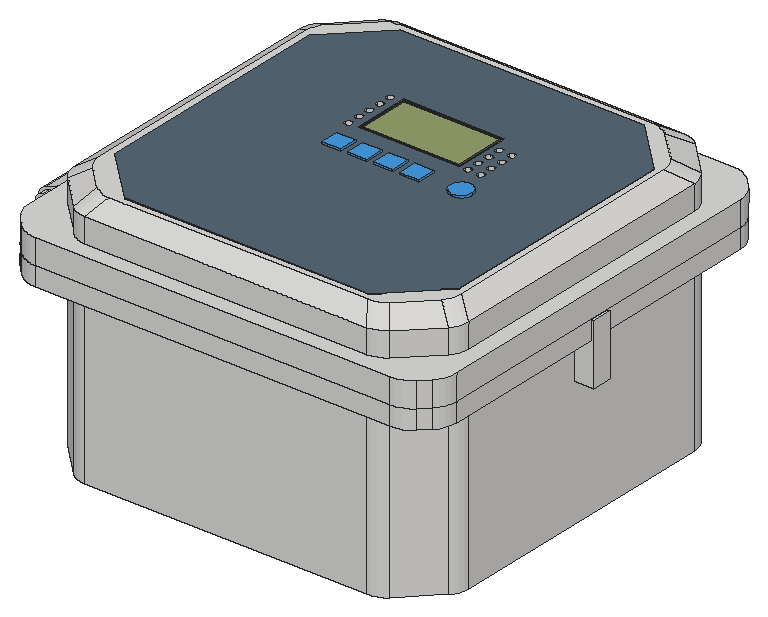
Revit family "Electrical_Controls_Conspec_Primus-V-Ventilation-Controller", category Electrical Fixtures, host Face, Revit 2022
Family settings
  Host = Face
  Round Connector Dimension = Use Diameter
  Part Type = Normal
  OmniClass Number = 23.85.30.21
  OmniClass Title = Environmental Detection/Registration
  Cut with Voids When Loaded = No
  Maintain Annotation Orientation = No
  Shared = No
  Room Calculation Point = No
Parameters (values of type "PRIMUS V - 24V DC")
  z_DC = yes
  z_120 = no
  Zoning = "Up to 12 programmable zones"  # constant formula
  Width = 9.04"  # constant formula
  Weight = 0.00 lbf
  Voltage Range = if(z_120, "120V AC", if(z_DC, "24V DC", "24V AC"))  # "24V DC"
  Voltage = 24 V
  Version = 1  # constant formula
  URL = "https://www.conspec-controls.com/"
  Software = "Conspec Subcon Windows Software"  # constant formula
  Product data url = "https://bimobject.com/conspec-controls/product/primus-v-ventilation-controller"
  Product Material = Conspec - Plastic - FR ABS - Grey
  Power Factor = 0.8
  Operating Humidity = "0% to 95% RH Non-Condesing"  # constant formula
  Operating Temperature = "-4°F to +122°F"  # constant formula
  Number of Poles = 3
  Maximum Current Consumption = 0 mA
  Alarm = "4 custom alarm levels with off-delay timer, sensor Fail-High and Fail-Low alarms"  # constant formula
  Input/Output = "3 RS485 scan ports, 6 Relay outputs (5A@ 30VDC), 2 channels 4-20mA outputs"  # constant formula
  Model = if(z_120, "PRIMUS V - 120V AC", if(z_DC, "PRIMUS V - 24V DC", "PRIMUS V - 24V AC"))  # "PRIMUS V - 24V DC"
  Manufacturer = "CONSPEC Controls"  # constant formula
  User Interface = "IR remote control, 4 local tactile buttons, 1 local horn silence button,  Built-in RS232 Port for PC connection"  # constant formula
  Keynote = "16000"
  Height = 9.04"  # constant formula
  Frequency = 0 Hz
  Description = "PRIMUS V - CO and NO2 Detector for ventilation control in enclosed parking garages and other spaces subjected to toxic gases"  # constant formula
  Depth = 5.29"  # constant formula
  Default Elevation = 0.00"
  Date Updated = "2023/10/17"  # constant formula
  Date Created = "2023/10/17"  # constant formula
  Assembly Code = "D5030"
  Apparent Load = 0 VA
Types (3): name | z_DC | z_120 | Voltage Range | Voltage | Model
  PRIMUS V - 24V DC | yes | no | "24V DC" | 24 V | "PRIMUS V - 24V DC"
  PRIMUS V - 24V AC | no | no | "24V AC" | 24 V | "PRIMUS V - 24V AC"
  PRIMUS V - 120V AC | no | yes | "120V AC" | 120 V | "PRIMUS V - 120V AC"
Reference planes (in)
  plane 1 "Center (Front/Back)": y = 0
  plane 2: z = 0
  plane 3 "Center (Left/Right)": x = 0
  plane 4: x = -4.52
  plane 5: x = 4.52
  plane 6: y = 4.52
  plane 7: y = -4.52
  plane 8: z = 5.292
  plane 9: z = 2.94644
  plane 10: z = 4
  plane 11: x = 0.74803
  plane 12: z = 2.17988
  plane 13: x = -4.16696
  plane 14: x = 4.16696
  plane 15: z = 5.03941
Forms (in)
  Extrusion 1, solid, material "Conspec - Plastic - FR ABS - Grey" <- "Product Material", detail levels coarse
    sketch origin (0, 0, 0) x (1, 0, 0) y (0, 1, 0)
      loop
        line (-4.52, 4.52) -> (-4.52, -4.52) -> (4.52, -4.52) -> (4.52, 4.52) -> (-4.52, 4.52)
    from 0.036 to 5.292
  Extrusion 2, void
    sketch origin (0, 0, 0) x (1, 0, 0) y (0, 1, 0)
      loop
        circle (-2.74582, 2.75095) r 0.15
      loop
        circle (2.74582, 2.75095) r 0.15
      loop
        circle (-2.74582, -2.75095) r 0.15
      loop
        circle (2.74582, -2.75095) r 0.15
    from 0 to 0.25
  Extrusion 3, solid, material "Conspec - Plastic - FR ABS - Grey" <- "Product Material", detail levels medium+fine
    sketch origin (0, 0, 0) x (1, 0, 0) y (0, 1, 0)
      loop
        arc (-4.16696, -2.97232) -> (-4.1289, -3.16366) -> (-4.02051, -3.32587) r 0.5
        line (-4.02051, -3.32587) -> (-3.32587, -4.02051)
        arc (-3.32587, -4.02051) -> (-3.16366, -4.1289) -> (-2.97232, -4.16696) r 0.5
        line (-2.97232, -4.16696) -> (2.97232, -4.16696)
        arc (2.97232, -4.16696) -> (3.16366, -4.1289) -> (3.32587, -4.02051) r 0.5
        line (3.32587, -4.02051) -> (4.02051, -3.32587)
        arc (4.02051, -3.32587) -> (4.1289, -3.16366) -> (4.16696, -2.97232) r 0.5
        line (4.16696, -2.97232) -> (4.16696, 2.97232)
        arc (4.16696, 2.97232) -> (4.1289, 3.16366) -> (4.02051, 3.32587) r 0.5
        line (4.02051, 3.32587) -> (3.32587, 4.02051)
        arc (3.32587, 4.02051) -> (3.16366, 4.1289) -> (2.97232, 4.16696) r 0.5
        line (2.97232, 4.16696) -> (-2.97232, 4.16696)
        arc (-2.97232, 4.16696) -> (-3.16366, 4.1289) -> (-3.32587, 4.02051) r 0.5
        line (-3.32587, 4.02051) -> (-4.02051, 3.32587)
        arc (-4.02051, 3.32587) -> (-4.1289, 3.16366) -> (-4.16696, 2.97232) r 0.5
        line (-4.16696, 2.97232) -> (-4.16696, -2.97232)
    from 0 to 4
  Extrusion 4, solid, material "Conspec - Plastic - FR ABS - Grey" <- "Product Material", detail levels medium+fine
    sketch origin (-1.81559, -180, 2.94644) x (-1, 0, 0) y (0, -1, 0)
      loop
        line (-5.55367, -184.52) -> (1.9225, -184.52)
        arc (1.9225, -184.52) -> (2.15211, -184.47433) -> (2.34676, -184.34426) r 0.6
        line (2.34676, -184.34426) -> (2.52868, -184.16235)
        arc (2.52868, -184.16235) -> (2.65874, -183.9677) -> (2.70441, -183.73809) r 0.6
        line (2.70441, -183.73809) -> (2.70441, -176.26191)
        arc (2.70441, -176.26191) -> (2.65874, -176.0323) -> (2.52868, -175.83765) r 0.6
        line (2.52868, -175.83765) -> (2.34676, -175.65574)
        arc (2.34676, -175.65574) -> (2.15211, -175.52567) -> (1.9225, -175.48) r 0.6
        line (1.9225, -175.48) -> (-5.55367, -175.48)
        arc (-5.55367, -175.48) -> (-5.78328, -175.52567) -> (-5.97794, -175.65574) r 0.6
        line (-5.97794, -175.65574) -> (-6.15985, -175.83765)
        arc (-6.15985, -175.83765) -> (-6.28991, -176.0323) -> (-6.33559, -176.26191) r 0.6
        line (-6.33559, -176.26191) -> (-6.33559, -183.73809)
        arc (-6.33559, -183.73809) -> (-6.28991, -183.9677) -> (-6.15985, -184.16235) r 0.6
        line (-6.15985, -184.16235) -> (-5.97794, -184.34426)
        arc (-5.97794, -184.34426) -> (-5.78328, -184.47433) -> (-5.55367, -184.52) r 0.6
    from 1.05356 to 1.58356
  Extrusion 5, solid, material "Conspec - Plastic - FR ABS - Grey" <- "Product Material", detail levels medium
    sketch origin (-1.81559, -180, 2.94644) x (-1, 0, 0) y (0, -1, 0)
      loop
        line (2.35137, -182.97232) -> (2.35137, -177.02768)
        arc (2.35137, -177.02768) -> (2.31331, -176.83634) -> (2.20493, -176.67413) r 0.5
        line (2.20493, -176.67413) -> (1.51029, -175.97949)
        arc (1.51029, -175.97949) -> (1.34808, -175.8711) -> (1.15673, -175.83304) r 0.5
        line (1.15673, -175.83304) -> (-4.78791, -175.83304)
        arc (-4.78791, -175.83304) -> (-4.97925, -175.8711) -> (-5.14146, -175.97949) r 0.5
        line (-5.14146, -175.97949) -> (-5.8361, -176.67413)
        arc (-5.8361, -176.67413) -> (-5.94449, -176.83634) -> (-5.98255, -177.02768) r 0.5
        line (-5.98255, -177.02768) -> (-5.98255, -182.97232)
        arc (-5.98255, -182.97232) -> (-5.94449, -183.16366) -> (-5.8361, -183.32587) r 0.5
        line (-5.8361, -183.32587) -> (-5.14146, -184.02051)
        arc (-5.14146, -184.02051) -> (-4.97925, -184.1289) -> (-4.78791, -184.16696) r 0.5
        line (-4.78791, -184.16696) -> (1.15673, -184.16696)
        arc (1.15673, -184.16696) -> (1.34808, -184.1289) -> (1.51029, -184.02051) r 0.5
        line (1.51029, -184.02051) -> (2.20493, -183.32587)
        arc (2.20493, -183.32587) -> (2.31331, -183.16366) -> (2.35137, -182.97232) r 0.5
    from 1.58356 to 2.34556
  Extrusion 6, solid, material "Conspec - Plastic - FR ABS - Grey" <- "Product Material", detail levels medium+fine
    sketch origin (-1.81559, -180, 2.94644) x (-1, 0, 0) y (0, -1, 0)
      loop
        arc (1.9225, -184.52) -> (2.15211, -184.47433) -> (2.34676, -184.34426) r 0.6
        line (2.34676, -184.34426) -> (2.52868, -184.16235)
        arc (2.52868, -184.16235) -> (2.65874, -183.9677) -> (2.70441, -183.73809) r 0.6
        line (2.70441, -183.73809) -> (2.70441, -176.26191)
        arc (2.70441, -176.26191) -> (2.65874, -176.0323) -> (2.52868, -175.83765) r 0.6
        line (2.52868, -175.83765) -> (2.34676, -175.65574)
        arc (2.34676, -175.65574) -> (2.15211, -175.52567) -> (1.9225, -175.48) r 0.6
        line (1.9225, -175.48) -> (-5.55367, -175.48)
        arc (-5.55367, -175.48) -> (-5.78328, -175.52567) -> (-5.97794, -175.65574) r 0.6
        line (-5.97794, -175.65574) -> (-6.15985, -175.83765)
        arc (-6.15985, -175.83765) -> (-6.28991, -176.0323) -> (-6.33559, -176.26191) r 0.6
        line (-6.33559, -176.26191) -> (-6.33559, -183.73809)
        arc (-6.33559, -183.73809) -> (-6.28991, -183.9677) -> (-6.15985, -184.16235) r 0.6
        line (-6.15985, -184.16235) -> (-5.97794, -184.34426)
        arc (-5.97794, -184.34426) -> (-5.78328, -184.47433) -> (-5.55367, -184.52) r 0.6
        line (-5.55367, -184.52) -> (1.9225, -184.52)
    from 1.05356 to 0.65356
  Extrusion 7, solid, material "Conspec - Plastic - FR ABS - Grey" <- "Product Material", detail levels fine
    sketch origin (-8.18718, -180, 5.292) x (-1, 0, 0) y (0, -1, 0)
      loop
        line (-4.56066, -182.56487) -> (-4.56066, -177.43513) -> (-5.62231, -176.37348) -> (-10.75204, -176.37348) -> (-11.8137, -177.43513) -> (-11.8137, -182.56487) -> (-10.75204, -183.62652) -> (-5.62231, -183.62652) -> (-4.56066, -182.56487)
    from -0.04 to 0.01
  Extrusion 8, void
    sketch origin (-8.18718, -180, 5.292) x (-1, 0, 0) y (0, -1, 0)
      loop
        line (-7.12419, -181.83071) -> (-7.12419, -180.64961) -> (-9.25017, -180.64961) -> (-9.25017, -181.83071) -> (-7.12419, -181.83071)
    from 0.05 to -0.1
  Extrusion 9, void
    sketch origin (-8.18718, -180, 5.292) x (-1, 0, 0) y (0, -1, 0)
      loop
        circle (-6.9304, -181.45534) r 0.075
      loop
        circle (-6.9304, -181.72723) r 0.075
      loop
        circle (-6.9304, -181.18283) r 0.075
      loop
        circle (-6.9304, -180.90939) r 0.075
      loop
        circle (-6.9304, -180.63281) r 0.075
      loop
        circle (-9.44396, -181.45534) r 0.075
      loop
        circle (-9.44396, -181.18283) r 0.075
      loop
        circle (-9.44396, -180.90939) r 0.075
      loop
        circle (-9.44396, -180.63281) r 0.075
      loop
        circle (-9.72051, -181.45534) r 0.075
      loop
        circle (-9.72051, -181.18283) r 0.075
      loop
        circle (-9.72051, -180.90939) r 0.075
      loop
        circle (-9.72051, -180.63281) r 0.075
    from -0.16355 to 0.24879
  Extrusion 10, solid, material "Conspec - Plastic - Green Transparent - Screen", detail levels fine
    sketch origin (-8.18718, -180, 5.292) x (-1, 0, 0) y (0, -1, 0)
      loop
        line (-9.25017, -181.83071) -> (-7.12419, -181.83071) -> (-7.12419, -180.64961) -> (-9.25017, -180.64961) -> (-9.25017, -181.83071)
    from 0 to -0.1
  Extrusion 11, solid, material "Conspec - Plastic - PC - Black", detail levels fine
    sketch origin (-8.18718, -180, 5.292) x (-1, 0, 0) y (0, -1, 0)
      loop
        line (-9.25017, -181.83071) -> (-7.12419, -181.83071) -> (-7.12419, -180.64961) -> (-9.25017, -180.64961) -> (-9.25017, -181.83071)
      loop
        line (-9.21017, -181.79071) -> (-7.16419, -181.79071) -> (-7.16419, -180.68961) -> (-9.21017, -180.68961) -> (-9.21017, -181.79071)
    from -0.1 to 0.01
  Extrusion 12, solid, material "Conspec - Plastic - FR ABS - Grey" <- "Product Material", detail levels coarse
    sketch origin (-17.88402, 4.52, 48) x (-1, 0, 0) y (0, 0, 1)
      loop
        circle (-18.63205, -45.82012) r 1.09528
    from 0 to 2.11605
  Extrusion 13, solid, material "Conspec - Plastic - FR ABS - Grey" <- "Product Material", detail levels fine
    sketch origin (-8.18718, -180, 5.292) x (-1, 0, 0) y (0, -1, 0)
      loop
        arc (-4.16667, -183.32587) -> (-4.05828, -183.16366) -> (-4.02022, -182.97232) r 0.5
        line (-4.02022, -182.97232) -> (-4.02022, -177.02768)
        arc (-4.02022, -177.02768) -> (-4.05828, -176.83634) -> (-4.16667, -176.67413) r 0.5
        line (-4.16667, -176.67413) -> (-4.8613, -175.97949)
        arc (-4.8613, -175.97949) -> (-5.02352, -175.8711) -> (-5.21486, -175.83304) r 0.5
        line (-5.21486, -175.83304) -> (-11.1595, -175.83304)
        arc (-11.1595, -175.83304) -> (-11.35084, -175.8711) -> (-11.51305, -175.97949) r 0.5
        line (-11.51305, -175.97949) -> (-12.20769, -176.67413)
        arc (-12.20769, -176.67413) -> (-12.31608, -176.83634) -> (-12.35414, -177.02768) r 0.5
        line (-12.35414, -177.02768) -> (-12.35414, -182.97232)
        arc (-12.35414, -182.97232) -> (-12.31608, -183.16366) -> (-12.20769, -183.32587) r 0.5
        line (-12.20769, -183.32587) -> (-11.51305, -184.02051)
        arc (-11.51305, -184.02051) -> (-11.35084, -184.1289) -> (-11.1595, -184.16696) r 0.5
        line (-11.1595, -184.16696) -> (-5.21486, -184.16696)
        arc (-5.21486, -184.16696) -> (-5.02352, -184.1289) -> (-4.8613, -184.02051) r 0.5
        line (-4.8613, -184.02051) -> (-4.16667, -183.32587)
    from -0.762 to -0.25259
  Blend 14, solid, material "Conspec - Plastic - FR ABS - Grey" <- "Product Material", detail levels fine
    base sketch origin (-5.75008, -180, 5.03941) x (-1, 0, 0) y (0, -1, 0)
      loop
        arc (-1.72957, -183.32587) -> (-1.62118, -183.16366) -> (-1.58312, -182.97232) r 0.5
        line (-1.58312, -182.97232) -> (-1.58312, -177.02768)
        arc (-1.58312, -177.02768) -> (-1.62118, -176.83634) -> (-1.72957, -176.67413) r 0.5
        line (-1.72957, -176.67413) -> (-2.42421, -175.97949)
        arc (-2.42421, -175.97949) -> (-2.58642, -175.8711) -> (-2.77776, -175.83304) r 0.5
        line (-2.77776, -175.83304) -> (-8.7224, -175.83304)
        arc (-8.7224, -175.83304) -> (-8.91374, -175.8711) -> (-9.07595, -175.97949) r 0.5
        line (-9.07595, -175.97949) -> (-9.77059, -176.67413)
        arc (-9.77059, -176.67413) -> (-9.87898, -176.83634) -> (-9.91704, -177.02768) r 0.5
        line (-9.91704, -177.02768) -> (-9.91704, -182.97232)
        arc (-9.91704, -182.97232) -> (-9.87898, -183.16366) -> (-9.77059, -183.32587) r 0.5
        line (-9.77059, -183.32587) -> (-9.07595, -184.02051)
        arc (-9.07595, -184.02051) -> (-8.91374, -184.1289) -> (-8.7224, -184.16696) r 0.5
        line (-8.7224, -184.16696) -> (-2.77776, -184.16696)
        arc (-2.77776, -184.16696) -> (-2.58642, -184.1289) -> (-2.42421, -184.02051) r 0.5
        line (-2.42421, -184.02051) -> (-1.72957, -183.32587)
    top sketch origin (-5.75008, -180, 5.03941) x (-1, 0, 0) y (0, -1, 0)
      loop
        line (-2.73131, -183.62051) -> (-2.12957, -183.01877)
        arc (-2.12957, -183.01877) -> (-2.02118, -182.85655) -> (-1.98312, -182.66521) r 0.5
        line (-1.98312, -182.66521) -> (-1.98312, -177.19337)
        arc (-1.98312, -177.19337) -> (-2.02118, -177.00202) -> (-2.12957, -176.83981) r 0.5
        line (-2.12957, -176.83981) -> (-2.58989, -176.37949)
        arc (-2.58989, -176.37949) -> (-2.7521, -176.2711) -> (-2.94345, -176.23304) r 0.5
        line (-2.94345, -176.23304) -> (-8.41529, -176.23304)
        arc (-8.41529, -176.23304) -> (-8.60664, -176.2711) -> (-8.76885, -176.37949) r 0.5
        line (-8.76885, -176.37949) -> (-9.37059, -176.98123)
        arc (-9.37059, -176.98123) -> (-9.47898, -177.14345) -> (-9.51704, -177.33479) r 0.5
        line (-9.51704, -177.33479) -> (-9.51704, -182.66521)
        arc (-9.51704, -182.66521) -> (-9.47898, -182.85655) -> (-9.37059, -183.01877) r 0.5
        line (-9.37059, -183.01877) -> (-8.76885, -183.62051)
        arc (-8.76885, -183.62051) -> (-8.60664, -183.7289) -> (-8.41529, -183.76696) r 0.5
        line (-8.41529, -183.76696) -> (-3.08487, -183.76696)
        arc (-3.08487, -183.76696) -> (-2.89353, -183.7289) -> (-2.73131, -183.62051) r 0.5
    from 0 to 0.25259
  Extrusion 15, solid, material "Conspec - Plastic - FR ABS - Grey" <- "Product Material", detail levels medium+fine
    sketch origin (-17.88402, 4.52, 48) x (-1, 0, 0) y (0, 0, 1)
      loop
        line (-17.84465, -44.87127) -> (-18.2378, -44.87127)
        arc (-18.2378, -44.87127) -> (-18.63205, -44.79299) -> (-19.0263, -44.87127) r 1.03199
        line (-19.0263, -44.87127) -> (-19.41945, -44.87127)
        arc (-19.41945, -44.87127) -> (-19.53275, -44.9182) -> (-19.57968, -45.0315) r 0.16023
        line (-19.57968, -45.0315) -> (-19.57968, -45.42465)
        arc (-19.57968, -45.42465) -> (-19.66159, -45.82012) -> (-19.57968, -46.21558) r 0.9956
        line (-19.57968, -46.21558) -> (-19.57968, -46.60874)
        arc (-19.57968, -46.60874) -> (-19.53275, -46.72204) -> (-19.41945, -46.76897) r 0.16023
        line (-19.41945, -46.76897) -> (-19.0263, -46.76897)
        arc (-19.0263, -46.76897) -> (-18.63205, -46.84724) -> (-18.2378, -46.76897) r 1.03199
        line (-18.2378, -46.76897) -> (-17.84465, -46.76897)
        arc (-17.84465, -46.76897) -> (-17.73135, -46.72204) -> (-17.68442, -46.60874) r 0.16023
        line (-17.68442, -46.60874) -> (-17.68442, -46.21558)
        arc (-17.68442, -46.21558) -> (-17.6025, -45.82012) -> (-17.68442, -45.42465) r 0.9956
        line (-17.68442, -45.42465) -> (-17.68442, -45.0315)
        arc (-17.68442, -45.0315) -> (-17.73135, -44.9182) -> (-17.84465, -44.87127) r 0.16023
    from 0 to -0.35307
  Revolve 16, solid, material "Conspec - Plastic - FR ABS - Grey" <- "Product Material", detail levels medium+fine
    sketch origin (0.74803, 7.01492, 48) x (0, -1, 0) y (0, 0, 1)
      loop
        line (1.28626, -44.96416) -> (1.28626, -44.89764) -> (0.9024, -44.89764) -> (0.9024, -44.93855) -> (0.62681, -44.93855) -> (0.62681, -44.89764) -> (0.49886, -44.89764) -> (0.49886, -44.72047)
        arc (0.49886, -44.72047) -> (0.41115, -44.87686) -> (0.38075, -45.05356) r 0.52873
        line (0.38075, -45.05356) -> (0.38075, -45.82012) -> (2.49492, -45.82012) -> (2.49492, -44.96416) -> (1.28626, -44.96416)
      axis (2.49492, -45.82012) -> (0.38075, -45.82012)
    angle from 0 to 360
  Extrusion 17, solid, material "Conspec - Plastic - FR ABS - Grey" <- "Product Material", detail levels fine
    sketch origin (0, 0, 0) x (1, 0, 0) y (0, 0, 1)
      loop
        line (4.16696, 2.72) -> (4.58665, 2.72) -> (4.58665, 4) -> (4.16696, 4) -> (4.16696, 2.72)
    from -0.21587 to 0.21868
  Extrusion 18, solid, material "Conspec - Plastic - FR ABS - Grey" <- "Product Material", detail levels fine
    sketch origin (0, 0, 0) x (1, 0, 0) y (0, 0, 1)
      loop
        line (-4.16696, 3.09944) -> (-4.16696, 3.6) -> (-4.52, 3.6) -> (-4.52, 4) -> (-4.75559, 4) -> (-4.75559, 4.07108)
        arc (-4.75559, 4.07108) -> (-4.79335, 4.16224) -> (-4.88451, 4.2) r 0.12892
        line (-4.88451, 4.2) -> (-4.93062, 4.2)
        arc (-4.93062, 4.2) -> (-5.04504, 4.15025) -> (-5.08669, 4.03263) r 0.15645
        line (-5.08669, 4.03263) -> (-5.06543, 3.72856) -> (-4.16696, 3.09944)
    from 2.6514 to 2.8314
  Extrusion 19, solid, material "Conspec - Plastic - FR ABS - Grey" <- "Product Material", detail levels fine
    sketch origin (0, 1.12946, 0) x (1, 0, 0) y (0, 0, 1)
      loop
        line (-4.16696, 3.09944) -> (-4.16696, 3.6) -> (-4.52, 3.6) -> (-4.52, 4) -> (-4.75559, 4) -> (-4.75559, 4.07108)
        arc (-4.75559, 4.07108) -> (-4.79335, 4.16224) -> (-4.88451, 4.2) r 0.12892
        line (-4.88451, 4.2) -> (-4.93062, 4.2)
        arc (-4.93062, 4.2) -> (-5.04504, 4.15025) -> (-5.08669, 4.03263) r 0.15645
        line (-5.08669, 4.03263) -> (-5.06543, 3.72856) -> (-4.16696, 3.09944)
    from 2.6514 to 2.8314
  Extrusion 20, solid, material "Conspec - Plastic - FR ABS - Grey" <- "Product Material", detail levels fine
    sketch origin (0, 0, 0) x (1, 0, 0) y (0, 0, 1)
      loop
        line (-4.52, 4.43597) -> (-5.02001, 4.23138)
        arc (-5.02001, 4.23138) -> (-5.06467, 3.79243) -> (-4.67533, 4) r 0.25
        line (-4.67533, 4) -> (-4.52, 4) -> (-4.52, 4.43597)
    from 1.70194 to 2.6514
  Extrusion 21, solid, material "Conspec - Plastic - FR ABS - Grey" <- "Product Material", detail levels fine
    sketch origin (0, 1.45071, 0) x (1, 0, 0) y (0, 0, 1)
      loop
        line (-4.16696, 3.09944) -> (-4.16696, 3.6) -> (-4.52, 3.6) -> (-4.52, 4) -> (-4.75559, 4) -> (-4.75559, 4.07108)
        arc (-4.75559, 4.07108) -> (-4.79335, 4.16224) -> (-4.88451, 4.2) r 0.12892
        line (-4.88451, 4.2) -> (-4.93062, 4.2)
        arc (-4.93062, 4.2) -> (-5.04504, 4.15025) -> (-5.08669, 4.03263) r 0.15645
        line (-5.08669, 4.03263) -> (-5.06543, 3.72856) -> (-4.16696, 3.09944)
    from 2.6514 to 2.8314
  Extrusion 22, solid, material "Conspec - Plastic - FR ABS - Grey" <- "Product Material", detail levels fine
    sketch origin (0, 2.58018, 0) x (1, 0, 0) y (0, 0, 1)
      loop
        line (-4.16696, 3.09944) -> (-4.16696, 3.6) -> (-4.52, 3.6) -> (-4.52, 4) -> (-4.75559, 4) -> (-4.75559, 4.07108)
        arc (-4.75559, 4.07108) -> (-4.79335, 4.16224) -> (-4.88451, 4.2) r 0.12892
        line (-4.88451, 4.2) -> (-4.93062, 4.2)
        arc (-4.93062, 4.2) -> (-5.04504, 4.15025) -> (-5.08669, 4.03263) r 0.15645
        line (-5.08669, 4.03263) -> (-5.06543, 3.72856) -> (-4.16696, 3.09944)
    from 2.6514 to 2.8314
  Extrusion 23, solid, material "Conspec - Plastic - FR ABS - Grey" <- "Product Material", detail levels fine
    sketch origin (0, 1.45071, 0) x (1, 0, 0) y (0, 0, 1)
      loop
        line (-4.52, 4.43597) -> (-5.02001, 4.23138)
        arc (-5.02001, 4.23138) -> (-5.06467, 3.79243) -> (-4.67533, 4) r 0.25
        line (-4.67533, 4) -> (-4.52, 4) -> (-4.52, 4.43597)
    from 1.70194 to 2.6514
  Extrusion 24, solid, material "Conspec - Plastic - FR ABS - Grey" <- "Product Material", detail levels fine
    sketch origin (0, 0, 0) x (1, 0, 0) y (0, 0, -1)
      loop
        line (-4.16696, -3.09944) -> (-5.06543, -3.72856) -> (-5.08669, -4.03263)
        arc (-5.08669, -4.03263) -> (-5.04504, -4.15025) -> (-4.93062, -4.2) r 0.15645
        line (-4.93062, -4.2) -> (-4.88451, -4.2)
        arc (-4.88451, -4.2) -> (-4.79335, -4.16224) -> (-4.75559, -4.07108) r 0.12892
        line (-4.75559, -4.07108) -> (-4.75559, -4) -> (-4.52, -4) -> (-4.52, -3.6) -> (-4.16696, -3.6) -> (-4.16696, -3.09944)
    from 2.6514 to 2.8314
  Extrusion 25, solid, material "Conspec - Plastic - FR ABS - Grey" <- "Product Material", detail levels fine
    sketch origin (0, -1.12946, 0) x (1, 0, 0) y (0, 0, -1)
      loop
        line (-4.16696, -3.09944) -> (-5.06543, -3.72856) -> (-5.08669, -4.03263)
        arc (-5.08669, -4.03263) -> (-5.04504, -4.15025) -> (-4.93062, -4.2) r 0.15645
        line (-4.93062, -4.2) -> (-4.88451, -4.2)
        arc (-4.88451, -4.2) -> (-4.79335, -4.16224) -> (-4.75559, -4.07108) r 0.12892
        line (-4.75559, -4.07108) -> (-4.75559, -4) -> (-4.52, -4) -> (-4.52, -3.6) -> (-4.16696, -3.6) -> (-4.16696, -3.09944)
    from 2.6514 to 2.8314
  Extrusion 26, solid, material "Conspec - Plastic - FR ABS - Grey" <- "Product Material", detail levels fine
    sketch origin (0, 0, 0) x (1, 0, 0) y (0, 0, -1)
      loop
        line (-4.52, -4.43597) -> (-4.52, -4) -> (-4.67533, -4)
        arc (-4.67533, -4) -> (-5.06467, -3.79243) -> (-5.02001, -4.23138) r 0.25
        line (-5.02001, -4.23138) -> (-4.52, -4.43597)
    from 1.70194 to 2.6514
  Extrusion 27, solid, material "Conspec - Plastic - FR ABS - Grey" <- "Product Material", detail levels fine
    sketch origin (0, -1.45071, 0) x (1, 0, 0) y (0, 0, -1)
      loop
        line (-4.16696, -3.09944) -> (-5.06543, -3.72856) -> (-5.08669, -4.03263)
        arc (-5.08669, -4.03263) -> (-5.04504, -4.15025) -> (-4.93062, -4.2) r 0.15645
        line (-4.93062, -4.2) -> (-4.88451, -4.2)
        arc (-4.88451, -4.2) -> (-4.79335, -4.16224) -> (-4.75559, -4.07108) r 0.12892
        line (-4.75559, -4.07108) -> (-4.75559, -4) -> (-4.52, -4) -> (-4.52, -3.6) -> (-4.16696, -3.6) -> (-4.16696, -3.09944)
    from 2.6514 to 2.8314
  Extrusion 28, solid, material "Conspec - Plastic - FR ABS - Grey" <- "Product Material", detail levels fine
    sketch origin (0, -2.58018, 0) x (1, 0, 0) y (0, 0, -1)
      loop
        line (-4.16696, -3.09944) -> (-5.06543, -3.72856) -> (-5.08669, -4.03263)
        arc (-5.08669, -4.03263) -> (-5.04504, -4.15025) -> (-4.93062, -4.2) r 0.15645
        line (-4.93062, -4.2) -> (-4.88451, -4.2)
        arc (-4.88451, -4.2) -> (-4.79335, -4.16224) -> (-4.75559, -4.07108) r 0.12892
        line (-4.75559, -4.07108) -> (-4.75559, -4) -> (-4.52, -4) -> (-4.52, -3.6) -> (-4.16696, -3.6) -> (-4.16696, -3.09944)
    from 2.6514 to 2.8314
  Extrusion 29, solid, material "Conspec - Plastic - FR ABS - Grey" <- "Product Material", detail levels fine
    sketch origin (0, -1.45071, 0) x (1, 0, 0) y (0, 0, -1)
      loop
        line (-4.52, -4.43597) -> (-4.52, -4) -> (-4.67533, -4)
        arc (-4.67533, -4) -> (-5.06467, -3.79243) -> (-5.02001, -4.23138) r 0.25
        line (-5.02001, -4.23138) -> (-4.52, -4.43597)
    from 1.70194 to 2.6514
  Extrusion 30, solid, material "Conspec - Plastic - PC - Light Blue", detail levels medium+fine
    sketch origin (-8.18718, -180, 5.292) x (-1, 0, 0) y (0, -1, 0)
      loop
        circle (-9.7863, -180.02913) r 0.23044
      loop
        line (-6.99999, -180.23195) -> (-6.99999, -179.83194) -> (-7.39751, -179.83194) -> (-7.39751, -180.23195) -> (-6.99999, -180.23195)
      loop
        line (-7.54588, -180.23195) -> (-7.54588, -179.83194) -> (-7.94339, -179.83194) -> (-7.94339, -180.23195) -> (-7.54588, -180.23195)
      loop
        line (-8.09661, -180.23195) -> (-8.09661, -179.83194) -> (-8.49413, -179.83194) -> (-8.49413, -180.23195) -> (-8.09661, -180.23195)
      loop
        line (-8.64733, -180.23195) -> (-8.64733, -179.83194) -> (-9.04485, -179.83194) -> (-9.04485, -180.23195) -> (-8.64733, -180.23195)
    from 0 to 0.04
  Extrusion 31, solid, material "Conspec - Plastic - FR ABS - Grey" <- "Product Material", detail levels medium
    sketch origin (-8.18718, -180, 5.292) x (-1, 0, 0) y (0, -1, 0)
      loop
        line (-4.56066, -182.56487) -> (-4.56066, -177.43513) -> (-5.62231, -176.37348) -> (-10.75204, -176.37348) -> (-11.8137, -177.43513) -> (-11.8137, -182.56487) -> (-10.75204, -183.62652) -> (-5.62231, -183.62652) -> (-4.56066, -182.56487)
    from -0.04 to 0.01
Cuts and joins
  Extrusion 2 cuts Extrusion 3
  joined: Extrusion 3, Extrusion 6
  Extrusion 8 cuts Extrusion 5
  Extrusion 8 cuts Extrusion 31
  joined: Extrusion 5, Extrusion 31
  joined: Extrusion 1, Extrusion 12
  Extrusion 8, Extrusion 9 cuts Extrusion 7
  Extrusion 8 cuts Extrusion 13
  Extrusion 8, Extrusion 9 cuts Blend 14
  joined: Extrusion 7, Extrusion 13, Blend 14
  joined: Extrusion 15, Revolve 16
Lines and regions (in)
  Masking region 1, detail levels coarse
    outline origin (-18.83238, -4.52, 48) x (-1, 0, 0) y (0, 0, 1)
      loop
        line (-14.31238, -42.708) -> (-23.35238, -42.708) -> (-23.35238, -48) -> (-14.31238, -48) -> (-14.31238, -42.708)
  Masking region 2, detail levels medium+fine
    outline origin (0, 0, 0) x (1, 0, 0) y (0, 0, 1)
      loop
        line (-4.16696, 3.6) -> (-4.16696, 0) -> (4.16696, 0) -> (4.16696, 3.6) -> (-4.16696, 3.6)
      loop
        line (-4.52, 4.53) -> (-4.52, 4) -> (4.52, 4) -> (4.52, 4.53) -> (-4.52, 4.53)
  Masking region 3, detail levels medium+fine
    outline origin (0, 0, 0) x (1, 0, 0) y (0, 0, 1)
      loop
        line (-4.52, 4) -> (-4.52, 3.6) -> (4.52, 3.6) -> (4.52, 4) -> (-4.52, 4)
  Masking region 4, detail levels medium
    outline origin (0, 0, 0) x (1, 0, 0) y (0, 0, 1)
      loop
        line (-4.16696, 5.292) -> (-4.16696, 4.53) -> (4.16696, 4.53) -> (4.16696, 5.292) -> (-4.16696, 5.292)
  Masking region 5, detail levels fine
    outline origin (0, 0, 0) x (1, 0, 0) y (0, 0, 1)
      loop
        line (-4.16696, 4.53) -> (4.16696, 4.53) -> (4.16696, 5.03941) -> (3.76696, 5.292) -> (-3.76696, 5.292) -> (-4.16696, 5.03941) -> (-4.16696, 4.53)
      loop
        line (4.52, 4) -> (4.52, 3.6) -> (4.16696, 3.6) -> (4.16696, 2.72) -> (4.58665, 2.72) -> (4.58665, 4) -> (4.52, 4)
      loop
        line (-4.16696, 3.09944) -> (-4.16696, 3.6) -> (-4.52, 3.6) -> (-4.52, 4.43597) -> (-5.02001, 4.23138)
        arc (-5.02001, 4.23138) -> (-5.174, 4.02576) -> (-5.06543, 3.79294) r 0.25
        line (-5.06543, 3.79294) -> (-5.06543, 3.72856) -> (-4.16696, 3.09944)
      loop
        circle (0.74803, 2.17988) r 1.09964
Dimensions and locks (in)
  equal spacing: plane 4, plane 3 "Center (Left/Right)", plane 5
  equal spacing: plane 6, plane 1 "Center (Front/Back)", plane 7
  locked: plane 4 to plane 5 at 9.04
  locked: plane 6 to plane 7 at 9.04
  locked: plane 8 to plane 2 at 5.292
  locked: plane 8 to plane 10 at 1.292
  locked: plane 3 "Center (Left/Right)" to plane 11 at 0.74803
  locked: plane 9 to plane 12 at 0.76656
  locked: plane 13 to plane 4 at 0.35304
  locked: plane 5 to plane 14 at 0.35304
  locked: plane 8 to plane 15 at 0.25259
  aligned and locked: plane 2 to host face
  aligned and locked: level to host face
  aligned and locked: Extrusion 1 sketch curve to plane 6
  aligned and locked: Extrusion 1 sketch curve to plane 4
  aligned and locked: Extrusion 1 sketch curve to plane 5
  aligned and locked: Extrusion 1 sketch curve to plane 7
  aligned and locked: plane 8 to Extrusion 1
  aligned and locked: Extrusion 10 sketch curve to cut or joined group of Extrusion 5, Extrusion 8, Extrusion 31  (x4)
  aligned and locked: Extrusion 11 sketch curve to Extrusion 10  (x4)
  aligned and locked: plane 8 to Masking region 1 sketch curve
  aligned and locked: plane 4 to Masking region 1 sketch curve
  aligned and locked: plane 5 to Masking region 1 sketch curve
  aligned and locked: plane 2 to Masking region 1 sketch curve
  aligned and locked: cut or joined group of Extrusion 2, Extrusion 3, Extrusion 6 to plane 10  (x2)
  aligned and locked: cut or joined group of Extrusion 2, Extrusion 3, Extrusion 6 to plane 2
  aligned and locked: plane 8 to cut or joined group of Extrusion 5, Extrusion 8, Extrusion 31
  aligned and locked: plane 10 to Extrusion 4
  aligned and locked: cut or joined group of Extrusion 5, Extrusion 8, Extrusion 31 to Extrusion 4
  aligned and locked: Extrusion 13 to Extrusion 4
  aligned and locked: plane 15 to Extrusion 13
  aligned and locked: plane 8 to Blend 14
  aligned and locked: Revolve 16 sketch curve to plane 6
  aligned and locked: Revolve 16 sketch curve to plane 12
  aligned and locked: plane 14 to Extrusion 17 sketch curve
  aligned and locked: plane 13 to Extrusion 18 sketch curve
  aligned and locked: plane 4 to Masking region 2 sketch curve
  aligned and locked: Masking region 2 sketch curve to plane 5
  aligned and locked: plane 2 to Masking region 2 sketch curve
  aligned and locked: cut or joined group of Extrusion 2, Extrusion 3, Extrusion 6 to Masking region 2 sketch curve
  aligned and locked: plane 4 to Masking region 3 sketch curve
  aligned and locked: Masking region 3 sketch curve to plane 5
  aligned and locked: Masking region 4 sketch curve to plane 13
  aligned and locked: Masking region 4 sketch curve to plane 14
  aligned and locked: Masking region 4 sketch curve to plane 8
  aligned and locked: Extrusion 4 to Masking region 4 sketch curve
  aligned and locked: plane 13 to Masking region 5 sketch curve
  aligned and locked: plane 8 to Masking region 5 sketch curve
  aligned and locked: Masking region 5 sketch curve to Extrusion 4
  aligned and locked: plane 14 to Masking region 5 sketch curve
  aligned and locked: cut or joined group of Extrusion 2, Extrusion 3, Extrusion 6 to Masking region 5 sketch curve
  aligned and locked: Masking region 5 sketch curve to Extrusion 17
  aligned and locked: plane 10 to Masking region 5 sketch curve
  aligned and locked: plane 5 to Masking region 5 sketch curve
Automatic sketch dimensions
  host sketch curve to host sketch curve = 96.00"  (x2)
  Extrusion 3 sketch curve to plane 13 = 0.00"
  Extrusion 3 sketch curve to plane 14 = 0.00"
  Extrusion 3 sketch curve to plane 13 = 0.14645"  (x2)
  Extrusion 3 sketch curve to Extrusion 3 sketch curve = 0.35355"  (x7)
  Extrusion 3 sketch curve to plane 13 = 0.84109"  (x2)
  Extrusion 3 sketch curve to plane 6 = 0.49949"  (x2)
  Extrusion 3 sketch curve to plane 14 = 1.19464"  (x2)
  plane 7 to Extrusion 3 sketch curve = 0.85304"  (x2)
  Extrusion 3 sketch curve to plane 14 = 0.50"  (x2)
  Extrusion 3 sketch curve to plane 14 = 0.14645"  (x2)
  plane 7 to Extrusion 3 sketch curve = 0.49949"
  Extrusion 3 sketch curve to Extrusion 3 sketch curve = 0.69464"  (x2)
  Extrusion 3 sketch curve to Extrusion 3 sketch curve = 1.04819"  (x2)
  Extrusion 4 sketch curve to plane 5 = 0.00"
  Extrusion 4 sketch curve to plane 6 = 0.00"
  Extrusion 4 sketch curve to plane 7 = 0.00"
  Extrusion 4 sketch curve to plane 4 = 0.00"
  Extrusion 4 sketch curve to plane 5 = 0.17574"  (x2)
  Extrusion 4 sketch curve to plane 14 = 0.00461"  (x2)
  Extrusion 4 sketch curve to plane 14 = 0.24696"  (x2)
  Extrusion 4 sketch curve to plane 14 = 0.42887"
  Extrusion 4 sketch curve to Extrusion 4 sketch curve = 0.18191"  (x5)
  Extrusion 4 sketch curve to plane 13 = 0.42887"  (x2)
  Extrusion 4 sketch curve to plane 13 = 0.24696"  (x2)
  Extrusion 4 sketch curve to plane 13 = 0.00461"  (x2)
  plane 4 to Extrusion 4 sketch curve = 0.17574"  (x2)
  Extrusion 4 sketch curve to plane 6 = 0.17574"  (x2)
  plane 7 to Extrusion 4 sketch curve = 0.78191"  (x2)
  Extrusion 5 sketch curve to plane 14 = 0.00"
  Extrusion 5 sketch curve to plane 13 = 0.00"
  Extrusion 5 sketch curve to plane 14 = 0.14645"  (x2)
  Extrusion 5 sketch curve to plane 14 = 0.50"  (x2)
  Extrusion 5 sketch curve to plane 14 = 0.84109"  (x2)
  Extrusion 5 sketch curve to Extrusion 5 sketch curve = 0.35355"  (x5)
  Extrusion 5 sketch curve to plane 13 = 1.19464"  (x2)
  plane 7 to Extrusion 5 sketch curve = 0.49949"
  Extrusion 5 sketch curve to Extrusion 5 sketch curve = 0.50"  (x3)
  Extrusion 5 sketch curve to plane 13 = 0.14645"  (x2)
  Extrusion 5 sketch curve to Extrusion 5 sketch curve = 0.69464"  (x2)
  Extrusion 5 sketch curve to plane 6 = 1.54768"  (x2)
  Extrusion 5 sketch curve to plane 6 = 0.85304"  (x2)
  Extrusion 5 sketch curve to plane 6 = 0.49949"
  Extrusion 6 sketch curve to plane 5 = 0.00"
  Extrusion 6 sketch curve to plane 6 = 0.00"
  Extrusion 6 sketch curve to plane 7 = 0.00"
  Extrusion 6 sketch curve to plane 4 = 0.00"
  Extrusion 6 sketch curve to plane 5 = 0.17574"  (x2)
  Extrusion 6 sketch curve to plane 14 = 0.00461"  (x2)
  Extrusion 6 sketch curve to plane 14 = 0.24696"  (x2)
  Extrusion 6 sketch curve to plane 14 = 0.42887"
  Extrusion 6 sketch curve to Extrusion 6 sketch curve = 0.18191"  (x5)
  Extrusion 6 sketch curve to plane 13 = 0.42887"  (x2)
  Extrusion 6 sketch curve to plane 13 = 0.24696"  (x2)
  Extrusion 6 sketch curve to plane 13 = 0.00461"  (x2)
  plane 4 to Extrusion 6 sketch curve = 0.17574"  (x2)
  Extrusion 6 sketch curve to plane 6 = 0.17574"  (x2)
  plane 7 to Extrusion 6 sketch curve = 0.78191"  (x2)
  Extrusion 7 sketch curve to plane 14 = 0.54044"
  Extrusion 7 sketch curve to Extrusion 7 sketch curve = 1.06165"  (x4)
  Extrusion 7 sketch curve to plane 13 = 1.60209"  (x2)
  Extrusion 7 sketch curve to plane 13 = 0.54044"
  Extrusion 7 sketch curve to plane 6 = 0.89348"
  plane 7 to Extrusion 7 sketch curve = 1.95513"  (x2)
  plane 7 to Extrusion 7 sketch curve = 0.89348"
  Extrusion 8 sketch curve to plane 11 = 0.31496"
  Extrusion 8 sketch curve to plane 3 "Center (Left/Right)" = 1.06299"
  Extrusion 8 sketch curve to plane 6 = 2.68929"
  Extrusion 8 sketch curve to Extrusion 8 sketch curve = 1.1811"
  Extrusion 11 sketch curve to Extrusion 11 sketch curve = 0.04"  (x4)
  plane 11 to Extrusion 12 sketch curve = 0.00"
  Extrusion 12 sketch curve to plane 12 = 0.00"
  Extrusion 13 sketch curve to plane 14 = 0.00"
  Extrusion 13 sketch curve to plane 13 = 0.00"
  Extrusion 13 sketch curve to plane 14 = 0.14645"  (x2)
  Extrusion 13 sketch curve to plane 14 = 0.50"  (x2)
  Extrusion 13 sketch curve to plane 14 = 0.84109"  (x2)
  Extrusion 13 sketch curve to Extrusion 13 sketch curve = 0.35355"  (x4)
  plane 7 to Extrusion 13 sketch curve = 0.35304"
  Extrusion 13 sketch curve to plane 13 = 1.19464"  (x2)
  plane 7 to Extrusion 13 sketch curve = 0.49949"
  Extrusion 13 sketch curve to Extrusion 13 sketch curve = 0.50"  (x3)
  Extrusion 13 sketch curve to plane 13 = 0.14645"  (x2)
  plane 7 to Extrusion 13 sketch curve = 1.19413"
  Extrusion 13 sketch curve to Extrusion 13 sketch curve = 0.69464"
  Extrusion 13 sketch curve to plane 6 = 1.54768"  (x2)
  Extrusion 13 sketch curve to plane 6 = 0.85304"  (x2)
  Extrusion 13 sketch curve to plane 6 = 0.49949"
  Blend 14 sketch curve to plane 14 = 0.00"
  Blend 14 sketch curve to plane 13 = 0.00"
  Blend 14 sketch curve to plane 14 = 0.14645"  (x2)
  Blend 14 sketch curve to plane 14 = 0.50"  (x2)
  Blend 14 sketch curve to plane 14 = 0.84109"  (x2)
  Blend 14 sketch curve to Blend 14 sketch curve = 0.35355"  (x12)
  plane 7 to Blend 14 sketch curve = 0.35304"
  Blend 14 sketch curve to plane 13 = 1.19464"  (x2)
  plane 7 to Blend 14 sketch curve = 0.49949"
  Blend 14 sketch curve to Blend 14 sketch curve = 0.50"  (x4)
  Blend 14 sketch curve to plane 13 = 0.14645"  (x2)
  plane 7 to Blend 14 sketch curve = 1.19413"
  Blend 14 sketch curve to Blend 14 sketch curve = 0.69464"
  Blend 14 sketch curve to plane 6 = 1.54768"  (x2)
  Blend 14 sketch curve to plane 6 = 0.85304"  (x2)
  Blend 14 sketch curve to plane 6 = 0.49949"
  Blend 14 sketch curve to plane 14 = 0.40"
  Blend 14 sketch curve to Blend 14 sketch curve = 0.14645"  (x5)
  Blend 14 sketch curve to Blend 14 sketch curve = 0.60175"  (x6)
  Blend 14 sketch curve to plane 13 = 1.50175"
  Blend 14 sketch curve to plane 13 = 1.36032"
  Blend 14 sketch curve to Blend 14 sketch curve = 0.46032"  (x2)
  Blend 14 sketch curve to plane 6 = 0.75304"
  plane 7 to Blend 14 sketch curve = 1.85479"
  plane 7 to Blend 14 sketch curve = 1.71337"
  Extrusion 15 sketch curve to plane 12 = 0.00"  (x2)
  plane 11 to Extrusion 15 sketch curve = 0.00"  (x2)
  Extrusion 15 sketch curve to plane 11 = 0.03395"
  Extrusion 15 sketch curve to plane 11 = 0.39425"  (x2)
  plane 9 to Extrusion 15 sketch curve = 0.18229"  (x2)
  Extrusion 15 sketch curve to Extrusion 15 sketch curve = 0.39315"  (x3)
  plane 9 to Extrusion 15 sketch curve = 0.02206"  (x2)
  Extrusion 15 sketch curve to Extrusion 15 sketch curve = 0.16023"  (x2)
  plane 11 to Extrusion 15 sketch curve = 0.03395"
  plane 3 "Center (Left/Right)" to Extrusion 15 sketch curve = 0.35378"
  Extrusion 15 sketch curve to plane 3 "Center (Left/Right)" = 0.03937"  (x2)
  plane 12 to Extrusion 15 sketch curve = 0.00486"
  plane 12 to Extrusion 15 sketch curve = 0.39547"  (x2)
  Extrusion 15 sketch curve to plane 12 = 0.00486"
  Revolve 16 sketch curve to plane 9 = 0.00"
  plane 12 to Revolve 16 sketch curve = 0.00"
  plane 9 to Revolve 16 sketch curve = 0.0894"
  plane 6 to Revolve 16 sketch curve = 1.20866"
  Revolve 16 sketch curve to Revolve 16 sketch curve = 0.37678"
  Revolve 16 sketch curve to Revolve 16 sketch curve = 0.00707"
  Revolve 16 sketch curve to Revolve 16 sketch curve = 0.27559"
  Revolve 16 sketch curve to Revolve 16 sketch curve = 0.12795"
  Revolve 16 sketch curve to Revolve 16 sketch curve = 0.11811"
  plane 9 to Revolve 16 sketch curve = 0.11501"
  Revolve 16 sketch curve to Revolve 16 sketch curve = 0.04091"  (x2)
  Revolve 16 sketch curve to Revolve 16 sketch curve = 1.95116"
  Revolve 16 sketch curve to plane 7 = 1.46825"
  Extrusion 17 sketch curve to plane 10 = 0.00"
  plane 5 to Extrusion 17 sketch curve = 0.06665"
  Extrusion 17 sketch curve to plane 9 = 0.22644"
  Extrusion 18 sketch curve to plane 10 = 0.00"
  Extrusion 18 sketch curve to plane 4 = 0.00"
  Extrusion 18 sketch curve to Extrusion 18 sketch curve = 0.23559"
  Extrusion 18 sketch curve to Extrusion 18 sketch curve = 0.12892"
  Extrusion 18 sketch curve to Extrusion 18 sketch curve = 0.04611"
  plane 10 to Extrusion 18 sketch curve = 0.27144"
  Extrusion 18 sketch curve to Extrusion 18 sketch curve = 0.13481"
  Extrusion 18 sketch curve to plane 10 = 0.03263"
  Extrusion 18 sketch curve to Extrusion 18 sketch curve = 0.15607"
  plane 10 to Extrusion 18 sketch curve = 0.40"
  plane 9 to Extrusion 18 sketch curve = 0.153"
  Extrusion 18 sketch curve to plane 10 = 0.04355"
  Extrusion 19 sketch curve to plane 10 = 0.00"
  Extrusion 19 sketch curve to plane 4 = 0.00"
  plane 13 to Extrusion 19 sketch curve = 0.00"
  Extrusion 19 sketch curve to Extrusion 19 sketch curve = 0.23559"
  Extrusion 19 sketch curve to Extrusion 19 sketch curve = 0.12892"
  Extrusion 19 sketch curve to Extrusion 19 sketch curve = 0.04611"
  plane 10 to Extrusion 19 sketch curve = 0.27144"
  Extrusion 19 sketch curve to Extrusion 19 sketch curve = 0.13481"
  Extrusion 19 sketch curve to plane 10 = 0.03263"
  Extrusion 19 sketch curve to Extrusion 19 sketch curve = 0.15607"
  plane 10 to Extrusion 19 sketch curve = 0.40"
  plane 9 to Extrusion 19 sketch curve = 0.153"
  Extrusion 19 sketch curve to plane 10 = 0.04355"
  Extrusion 20 sketch curve to plane 10 = 0.00"  (x2)
  Extrusion 20 sketch curve to plane 4 = 0.00"
  Extrusion 20 sketch curve to Extrusion 20 sketch curve = 0.40533"
  Extrusion 20 sketch curve to plane 10 = 0.23138"
  Extrusion 20 sketch curve to Extrusion 20 sketch curve = 0.09468"
  Extrusion 20 sketch curve to plane 10 = 0.43597"
  Extrusion 21 sketch curve to plane 10 = 0.00"
  Extrusion 21 sketch curve to plane 4 = 0.00"
  plane 13 to Extrusion 21 sketch curve = 0.00"
  Extrusion 21 sketch curve to Extrusion 21 sketch curve = 0.23559"
  Extrusion 21 sketch curve to Extrusion 21 sketch curve = 0.12892"
  Extrusion 21 sketch curve to Extrusion 21 sketch curve = 0.04611"
  plane 10 to Extrusion 21 sketch curve = 0.27144"
  Extrusion 21 sketch curve to Extrusion 21 sketch curve = 0.13481"
  Extrusion 21 sketch curve to plane 10 = 0.03263"
  Extrusion 21 sketch curve to Extrusion 21 sketch curve = 0.15607"
  plane 10 to Extrusion 21 sketch curve = 0.40"
  plane 9 to Extrusion 21 sketch curve = 0.153"
  Extrusion 21 sketch curve to plane 10 = 0.04355"
  Extrusion 22 sketch curve to plane 10 = 0.00"
  Extrusion 22 sketch curve to plane 4 = 0.00"
  plane 13 to Extrusion 22 sketch curve = 0.00"
  Extrusion 22 sketch curve to Extrusion 22 sketch curve = 0.23559"
  Extrusion 22 sketch curve to Extrusion 22 sketch curve = 0.12892"
  Extrusion 22 sketch curve to Extrusion 22 sketch curve = 0.04611"
  plane 10 to Extrusion 22 sketch curve = 0.27144"
  Extrusion 22 sketch curve to Extrusion 22 sketch curve = 0.13481"
  Extrusion 22 sketch curve to plane 10 = 0.03263"
  Extrusion 22 sketch curve to Extrusion 22 sketch curve = 0.15607"
  plane 10 to Extrusion 22 sketch curve = 0.40"
  plane 9 to Extrusion 22 sketch curve = 0.153"
  Extrusion 22 sketch curve to plane 10 = 0.04355"
  Extrusion 23 sketch curve to plane 10 = 0.00"  (x2)
  Extrusion 23 sketch curve to plane 4 = 0.00"
  Extrusion 23 sketch curve to Extrusion 23 sketch curve = 0.40533"
  Extrusion 23 sketch curve to plane 10 = 0.23138"
  Extrusion 23 sketch curve to Extrusion 23 sketch curve = 0.09468"
  Extrusion 23 sketch curve to plane 10 = 0.43597"
  Extrusion 24 sketch curve to plane 10 = 0.00"
  Extrusion 24 sketch curve to plane 4 = 0.00"
  plane 13 to Extrusion 24 sketch curve = 0.00"
  Extrusion 24 sketch curve to Extrusion 24 sketch curve = 0.23559"
  Extrusion 24 sketch curve to Extrusion 24 sketch curve = 0.12892"
  Extrusion 24 sketch curve to Extrusion 24 sketch curve = 0.04611"
  plane 10 to Extrusion 24 sketch curve = 0.27144"
  Extrusion 24 sketch curve to Extrusion 24 sketch curve = 0.13481"
  Extrusion 24 sketch curve to plane 10 = 0.03263"
  Extrusion 24 sketch curve to Extrusion 24 sketch curve = 0.15607"
  Extrusion 24 sketch curve to plane 10 = 0.04355"
  plane 10 to Extrusion 24 sketch curve = 0.40"
  plane 9 to Extrusion 24 sketch curve = 0.153"
  Extrusion 25 sketch curve to plane 10 = 0.00"
  Extrusion 25 sketch curve to plane 4 = 0.00"
  plane 13 to Extrusion 25 sketch curve = 0.00"
  Extrusion 25 sketch curve to Extrusion 25 sketch curve = 0.23559"
  Extrusion 25 sketch curve to Extrusion 25 sketch curve = 0.12892"
  Extrusion 25 sketch curve to Extrusion 25 sketch curve = 0.04611"
  plane 10 to Extrusion 25 sketch curve = 0.27144"
  Extrusion 25 sketch curve to Extrusion 25 sketch curve = 0.13481"
  Extrusion 25 sketch curve to plane 10 = 0.03263"
  Extrusion 25 sketch curve to Extrusion 25 sketch curve = 0.15607"
  Extrusion 25 sketch curve to plane 10 = 0.04355"
  plane 10 to Extrusion 25 sketch curve = 0.40"
  plane 9 to Extrusion 25 sketch curve = 0.153"
  Extrusion 26 sketch curve to plane 10 = 0.00"  (x2)
  Extrusion 26 sketch curve to plane 4 = 0.00"
  Extrusion 26 sketch curve to Extrusion 26 sketch curve = 0.40533"
  Extrusion 26 sketch curve to plane 10 = 0.23138"
  Extrusion 26 sketch curve to Extrusion 26 sketch curve = 0.09468"
  Extrusion 26 sketch curve to plane 10 = 0.43597"
  Extrusion 27 sketch curve to plane 10 = 0.00"
  Extrusion 27 sketch curve to plane 4 = 0.00"
  plane 13 to Extrusion 27 sketch curve = 0.00"
  Extrusion 27 sketch curve to Extrusion 27 sketch curve = 0.23559"
  Extrusion 27 sketch curve to Extrusion 27 sketch curve = 0.12892"
  Extrusion 27 sketch curve to Extrusion 27 sketch curve = 0.04611"
  plane 10 to Extrusion 27 sketch curve = 0.27144"
  Extrusion 27 sketch curve to Extrusion 27 sketch curve = 0.13481"
  Extrusion 27 sketch curve to plane 10 = 0.03263"
  Extrusion 27 sketch curve to Extrusion 27 sketch curve = 0.15607"
  Extrusion 27 sketch curve to plane 10 = 0.04355"
  plane 10 to Extrusion 27 sketch curve = 0.40"
  plane 9 to Extrusion 27 sketch curve = 0.153"
  Extrusion 28 sketch curve to plane 10 = 0.00"
  Extrusion 28 sketch curve to plane 4 = 0.00"
  plane 13 to Extrusion 28 sketch curve = 0.00"
  Extrusion 28 sketch curve to Extrusion 28 sketch curve = 0.23559"
  Extrusion 28 sketch curve to Extrusion 28 sketch curve = 0.12892"
  Extrusion 28 sketch curve to Extrusion 28 sketch curve = 0.04611"
  plane 10 to Extrusion 28 sketch curve = 0.27144"
  Extrusion 28 sketch curve to Extrusion 28 sketch curve = 0.13481"
  Extrusion 28 sketch curve to plane 10 = 0.03263"
  Extrusion 28 sketch curve to Extrusion 28 sketch curve = 0.15607"
  Extrusion 28 sketch curve to plane 10 = 0.04355"
  plane 10 to Extrusion 28 sketch curve = 0.40"
  plane 9 to Extrusion 28 sketch curve = 0.153"
  Extrusion 29 sketch curve to plane 10 = 0.00"  (x2)
  Extrusion 29 sketch curve to plane 4 = 0.00"
  Extrusion 29 sketch curve to Extrusion 29 sketch curve = 0.40533"
  Extrusion 29 sketch curve to plane 10 = 0.23138"
  Extrusion 29 sketch curve to Extrusion 29 sketch curve = 0.09468"
  Extrusion 29 sketch curve to plane 10 = 0.43597"
  Extrusion 9 sketch curve to plane 11 = 0.7853"
  Extrusion 9 sketch curve to Extrusion 9 sketch curve = 0.00"  (x11)
  Extrusion 9 sketch curve to Extrusion 9 sketch curve = 0.27655"  (x2)
  Extrusion 9 sketch curve to plane 3 "Center (Left/Right)" = 1.25678"
  Extrusion 9 sketch curve to plane 1 "Center (Front/Back)" = 1.72723"
  Extrusion 9 sketch curve to plane 1 "Center (Front/Back)" = 1.45534"
  Extrusion 9 sketch curve to Extrusion 9 sketch curve = 0.27189"
  Extrusion 9 sketch curve to Extrusion 9 sketch curve = 0.27251"  (x3)
  Extrusion 9 sketch curve to Extrusion 9 sketch curve = 0.27344"  (x3)
  Extrusion 9 sketch curve to Extrusion 9 sketch curve = 0.27658"  (x2)
  Extrusion 30 sketch curve to plane 1 "Center (Front/Back)" = 0.02913"
  Extrusion 30 sketch curve to plane 11 = 0.85109"
  Extrusion 30 sketch curve to plane 11 = 0.10964"
  plane 11 to Extrusion 30 sketch curve = 0.28788"
  Extrusion 30 sketch curve to Extrusion 30 sketch curve = 0.15321"
  Extrusion 30 sketch curve to plane 3 "Center (Left/Right)" = 0.09057"
  Extrusion 30 sketch curve to Extrusion 30 sketch curve = 0.15322"
  plane 1 "Center (Front/Back)" to Extrusion 30 sketch curve = 0.16806"  (x2)
  Extrusion 30 sketch curve to Extrusion 30 sketch curve = 0.39752"  (x2)
  Extrusion 30 sketch curve to Extrusion 30 sketch curve = 0.14837"
  Extrusion 30 sketch curve to plane 1 "Center (Front/Back)" = 0.23195"
  Extrusion 30 sketch curve to Extrusion 30 sketch curve = 0.00"  (x5)
  Extrusion 31 sketch curve to plane 14 = 0.54044"
  Extrusion 31 sketch curve to Extrusion 31 sketch curve = 1.06165"  (x4)
  Extrusion 31 sketch curve to plane 13 = 1.60209"  (x2)
  Extrusion 31 sketch curve to plane 13 = 0.54044"
  Extrusion 31 sketch curve to plane 6 = 0.89348"
  plane 7 to Extrusion 31 sketch curve = 1.95513"  (x2)
  plane 7 to Extrusion 31 sketch curve = 0.89348"
  Extrusion 2 sketch curve to plane 13 = 1.42114"  (x2)
  Extrusion 2 sketch curve to plane 14 = 1.42114"  (x2)
  plane 7 to Extrusion 2 sketch curve = 1.76905"  (x2)
  Extrusion 2 sketch curve to plane 6 = 1.76905"  (x2)
  plane 13 to Masking region 2 sketch curve = 0.00"
  Masking region 2 sketch curve to plane 14 = 0.00"
  Masking region 2 sketch curve to plane 10 = 0.00"
  Masking region 2 sketch curve to plane 15 = 0.50941"
  Masking region 3 sketch curve to plane 10 = 0.00"
  plane 10 to Masking region 3 sketch curve = 0.40"
  Masking region 5 sketch curve to plane 10 = 0.00"
  Masking region 5 sketch curve to plane 4 = 0.00"
  plane 13 to Masking region 5 sketch curve = 0.00"
  plane 11 to Masking region 5 sketch curve = 0.00"
  Masking region 5 sketch curve to plane 12 = 0.00"
  Masking region 5 sketch curve to plane 15 = 0.00"  (x2)
  Masking region 5 sketch curve to plane 4 = 0.40533"
  Masking region 5 sketch curve to plane 10 = 0.23138"
  Masking region 5 sketch curve to Masking region 5 sketch curve = 0.09468"
  plane 10 to Masking region 5 sketch curve = 0.27144"
  Masking region 5 sketch curve to Masking region 5 sketch curve = 0.1401"
  Masking region 5 sketch curve to plane 13 = 0.40"
  Masking region 5 sketch curve to plane 14 = 0.40"
  plane 5 to Masking region 5 sketch curve = 0.06665"
  Masking region 5 sketch curve to plane 9 = 0.22644"
  plane 9 to Masking region 5 sketch curve = 0.153"
  plane 10 to Masking region 5 sketch curve = 0.40"
  Masking region 5 sketch curve to Masking region 5 sketch curve = 0.09403"
  radius of Extrusion 12 sketch curve = 1.09528"
  radius of Extrusion 9 sketch curve = 0.075"  (x13)
  radius of Extrusion 30 sketch curve = 0.23044"
  radius of Extrusion 2 sketch curve = 0.15"  (x4)
  radius of Masking region 5 sketch curve = 1.09964"
Connectors (in)
  electrical at (0, 0, 0.036), driven by "Number of Poles", driven by "Voltage", driven by "Apparent Load", driven by "Apparent Load", driven by "Apparent Load", driven by "Power Factor"
    settings: on cut or joined group of Extrusion 1, Extrusion 12, index 1, voltage 24 V, apparent load 0 VA, apparent load phase1 0 VA, apparent load phase2 0 VA, apparent load phase3 0 VA, power factor 0.8, load classification "Other", number of poles 3, system type 31, power factor state 1, is connector primary yes, connector utility no, sub classification motor no, connector description "Power Connector"
